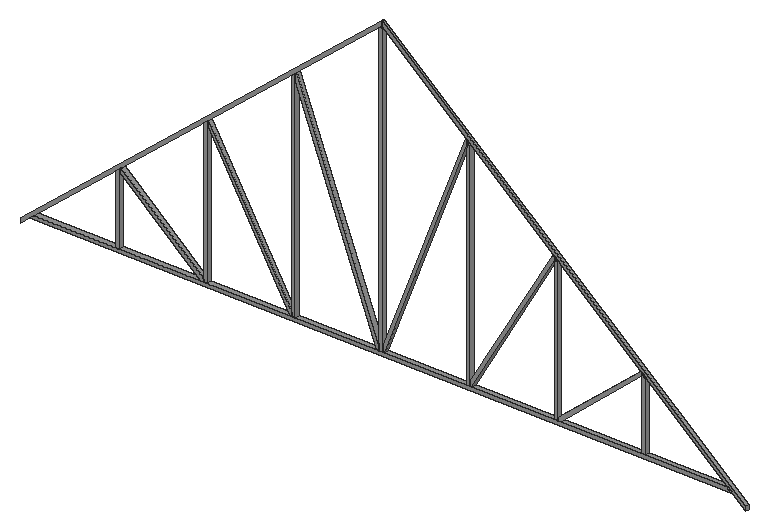
Revit family "TripleHoweTruss", category Structural Framing, Revit 2021
Family settings
  Section Shape = Not Defined
  Material for Model Behavior = Wood
  Always export as geometry = No
  OmniClass Number = 23.25.30.21.14
  OmniClass Title = Trussed Beams and Joists
  Work Plane-Based = No
  Always vertical = Yes
  Cut with Voids When Loaded = No
  Symbolic Representation = From Family
  Shared = No
  Show family pre-cut in plan views = Yes
Parameters
  WebWidth [instance] = 120 mm
  WebDepth [instance] = 100 mm
  T_Volume [instance] = 0.00 m³
  TopWidth [instance] = 80 mm
  Structural Material [instance] = Poche
  SpanRight [instance] = 10000 mm
  SpanLeft [instance] = 10000 mm
  Span [instance] = SpanLeft + SpanRight  # 20000 mm
  SlopeRight [instance] = 40.00°
  SlopeLeft [instance] = 40.00°
  OverhangRight [instance] = 300 mm
  OverhangLeft [instance] = 400 mm
  TopDepth [instance] = 100 mm
  BottomWidth [instance] = 150 mm
  BottomDepth [instance] = 100 mm
Reference planes
  plane 1 "Center (Front/Back)": y = 0
  plane 2: z = 0
  plane 3 "Center (Left/Right)": x = 0
  plane 4: x = -10000
  plane 5: x = 10000
  plane 6: x = 10400
  plane 7: x = -10300
  plane 8: z = 100
  plane 9: x = 50
  plane 10: x = -50
  plane 11: x = 2500
  plane 12: x = 7500
  plane 13: x = 5000
  plane 14: x = -2500
  plane 15: x = -7500
  plane 16: x = -5000
  plane 17: x = 2450
  plane 18: x = 2550
  plane 19: x = 4950
  plane 20: x = 5050
  plane 21: x = 7450
  plane 22: x = 7550
  plane 23: x = -2550
  plane 24: x = -2450
  plane 25: x = -5050
  plane 26: x = -4950
  plane 27: x = -7550
  plane 28: x = -7450
Forms (mm)
  Extrusion 1, solid, material "Cherry"
    sketch origin (0, 0, 0) x (1, 0, 0) y (0, 0, 1)
      loop
        line (-7550, 2055.794) -> (-7550, 100) -> (-7450, 100) -> (-7450, 2139.704) -> (-7550, 2055.794)
    from -60 to 60
  Extrusion 2, solid, material "Cherry"
    sketch origin (0, 0, 0) x (1, 0, 0) y (0, 0, 1)
      loop
        line (-4950, 4237.453) -> (-5050, 4153.543) -> (-5050, 100) -> (-4950, 100) -> (-4950, 4237.453)
    from -60 to 60
  Extrusion 3, solid, material "Cherry"
    sketch origin (0, 0, 0) x (1, 0, 0) y (0, 0, 1)
      loop
        line (-2450, 6335.202) -> (-2550, 6251.292) -> (-2550, 100) -> (-2450, 100) -> (-2450, 6335.202)
    from -60 to 60
  Extrusion 4, solid, material "Cherry"
    sketch origin (0, 0, 0) x (1, 0, 0) y (0, 0, 1)
      loop
        line (50, 100) -> (50, 8349.041) -> (0, 8390.996) -> (-50, 8349.041) -> (-50, 100) -> (50, 100)
    from -60 to 60
  Extrusion 5, solid, material "Cherry"
    sketch origin (0, 0, 0) x (1, 0, 0) y (0, 0, 1)
      loop
        line (2550, 6251.292) -> (2450, 6335.202) -> (2450, 100) -> (2550, 100) -> (2550, 6251.292)
    from -60 to 60
  Extrusion 6, solid, material "Cherry"
    sketch origin (0, 0, 0) x (1, 0, 0) y (0, 0, 1)
      loop
        line (5050, 4153.543) -> (4950, 4237.453) -> (4950, 100) -> (5050, 100) -> (5050, 4153.543)
    from -60 to 60
  Extrusion 7, solid, material "Cherry"
    sketch origin (0, 0, 0) x (1, 0, 0) y (0, 0, 1)
      loop
        line (7550, 2055.794) -> (7450, 2139.704) -> (7450, 100) -> (7550, 100) -> (7550, 2055.794)
    from -60 to 60
  Extrusion 8, solid, material "Cherry"
    sketch origin (0, 0, 0) x (1, 0, 0) y (0, 0, 1)
      loop
        line (5127.209, 100) -> (7450, 2074.086) -> (7450, 2139.704) -> (7411.149, 2172.304) -> (5050, 165.618) -> (5050, 100) -> (5127.209, 100)
    from -60 to 60
  Extrusion 9, solid, material "Cherry"
    sketch origin (0, 0, 0) x (1, 0, 0) y (0, 0, 1)
      loop
        line (-5050, 165.618) -> (-7411.149, 2172.304) -> (-7450, 2139.704) -> (-7450, 2074.086) -> (-5127.209, 100) -> (-5050, 100) -> (-5050, 165.618)
    from -60 to 60
  Extrusion 10, solid, material "Cherry"
    sketch origin (0, 0, 0) x (1, 0, 0) y (0, 0, 1)
      loop
        line (5127.209, 100) -> (7450, 2074.086) -> (7450, 2139.704) -> (7411.149, 2172.304) -> (5050, 165.618) -> (5050, 100) -> (5127.209, 100)
    from -60 to 60
  Extrusion 11, solid, material "Cherry"
    sketch origin (0, 0, 0) x (1, 0, 0) y (0, 0, 1)
      loop
        line (2607.803, 100) -> (4950, 4137.804) -> (4950, 4237.453) -> (4911.121, 4270.077) -> (2550, 199.649) -> (2550, 100) -> (2607.803, 100)
    from -60 to 60
  Extrusion 12, solid, material "Cherry"
    sketch origin (0, 0, 0) x (1, 0, 0) y (0, 0, 1)
      loop
        line (103.576, 100) -> (2450, 6196.012) -> (2450, 6335.202) -> (2409.503, 6369.183) -> (50, 239.191) -> (50, 100) -> (103.576, 100)
    from -60 to 60
  Extrusion 13, solid, material "Cherry"
    sketch origin (0, 0, 0) x (1, 0, 0) y (0, 0, 1)
      loop
        line (-50, 239.191) -> (-2409.503, 6369.183) -> (-2450, 6335.202) -> (-2450, 6196.012) -> (-103.576, 100) -> (-50, 100) -> (-50, 239.191)
    from -60 to 60
  Extrusion 14, solid, material "Cherry"
    sketch origin (0, 0, 0) x (1, 0, 0) y (0, 0, 1)
      loop
        line (-2550, 199.649) -> (-4911.121, 4270.077) -> (-4950, 4237.453) -> (-4950, 4137.804) -> (-2607.803, 100) -> (-2550, 100) -> (-2550, 199.649)
    from -60 to 60
  Extrusion 15, solid, material "Cherry"
    sketch origin (0, 0, 0) x (1, 0, 0) y (0, 0, 1)
      loop
        line (9880.825, 100) -> (-9880.825, 100) -> (-10000, 0) -> (10000, 0) -> (9880.825, 100)
    from -75 to 75
  Extrusion 16, solid, material "Cherry"
    sketch origin (0, 0, 0) x (1, 0, 0) y (0, 0, 1)
      loop
        line (-10300, -251.73) -> (0, 8390.996) -> (0, 8521.537) -> (-10300, -121.189) -> (-10300, -251.73)
    from -40 to 40
  Extrusion 17, solid, material "Cherry"
    sketch origin (0, 0, 0) x (1, 0, 0) y (0, 0, 1)
      loop
        line (10400, -335.64) -> (10400, -205.099) -> (0, 8521.537) -> (0, 8390.996) -> (10400, -335.64)
    from -40 to 40
Lines and regions (mm)
  reference lines
    curve 1: line (10000, 0, 0) -> (0, 0, 8390.996)
    curve 2: line (-10000, 0, 0) -> (0, 0, 8390.996)
    curve 3: line (10001.738, 0, 129.083) -> (-8.024, 0, 8528.27)
    curve 4: line (-9999.444, 0, 131.007) -> (-84.65, 0, 8450.507)
    curve 5: line (0, 40, 1939.254) -> (0, 40, -520.746)
    curve 6: line (0, -40, 1939.254) -> (0, -40, -520.746)
    curve 7: line (0, -60, 1939.254) -> (0, -60, -520.746)
    curve 8: line (0, -75, 1939.254) -> (0, -75, -520.746)
    curve 9: line (0, 60, 1939.254) -> (0, 60, -520.746)
    curve 10: line (0, 75, 1939.254) -> (0, 75, -520.746)
    curve 11: line (50, 0, 100) -> (2450, 0, 6335.202)
    curve 12: line (2550, 0, 100) -> (4950, 0, 4237.453)
    curve 13: line (5050, 0, 100) -> (7450, 0, 2139.704)
    curve 14: line (-50, 0, 100) -> (-2450, 0, 6335.202)
    curve 15: line (-2550, 0, 100) -> (-4950, 0, 4237.453)
    curve 16: line (-5050, 0, 100) -> (-7450, 0, 2139.704)
    curve 17: line (-5079.289, 0, 190.51) -> (-7379.289, 0, 2145.227)
    curve 18: line (-4952.282, 0, -48.667) -> (-7420.711, 0, 2049.194)
    curve 19: line (-2559.693, 0, 216.359) -> (-4859.693, 0, 4181.418)
    curve 20: line (-2553.553, 0, 6.476) -> (-4940.307, 0, 4121.094)
    curve 21: line (-54.683, 0, 251.358) -> (-2354.683, 0, 6226.76)
    curve 22: line (-63.942, 0, -2.971) -> (-2445.317, 0, 6183.844)
    curve 23: line (54.683, 0, 251.358) -> (2354.683, 0, 6226.76)
    curve 24: line (63.942, 0, -2.971) -> (2445.317, 0, 6183.844)
    curve 25: line (2559.693, 0, 216.359) -> (4859.693, 0, 4181.418)
    curve 26: line (2553.553, 0, 6.476) -> (4940.307, 0, 4121.094)
    curve 27: line (5077.463, 0, 188.958) -> (7377.463, 0, 2143.675)
    curve 28: line (4952.282, 0, -48.667) -> (7420.711, 0, 2049.194)
Dimensions and locks
  "SpanLeft": plane 3 "Center (Left/Right)" to plane 5
  "SpanRight": plane 3 "Center (Left/Right)" to plane 4
  "OverhangLeft": plane 5 to plane 6
  "OverhangRight": plane 7 to plane 4
  "BottomDepth": level to plane 8
  equal spacing: plane 10, plane 3 "Center (Left/Right)", plane 9
  "TopDepth": curve 1 to curve 3
  "TopDepth": curve 4 to curve 2
  equal spacing: curve 5, curve 4, curve 6
  "TopWidth": curve 5 to curve 6
  equal spacing: curve 9, curve 4, curve 7
  "WebWidth": curve 9 to curve 7
  equal spacing: curve 10, curve 4, curve 8
  "BottomWidth": curve 10 to curve 8
  plane 5 to plane 3 "Center (Left/Right)" = 10000 mm
  plane 4 to plane 3 "Center (Left/Right)" = 10000 mm
  equal spacing: plane 5, plane 12, plane 13, plane 11, plane 3 "Center (Left/Right)"
  equal spacing: plane 3 "Center (Left/Right)", plane 14, plane 16, plane 15, plane 4
  equal spacing: plane 28, plane 15, plane 27
  equal spacing: plane 26, plane 16, plane 25
  equal spacing: plane 24, plane 14, plane 23
  equal spacing: plane 9, plane 3 "Center (Left/Right)", plane 10
  equal spacing: plane 18, plane 11, plane 17
  equal spacing: plane 20, plane 13, plane 19
  equal spacing: plane 22, plane 12, plane 21
  "WebDepth": plane 28 to plane 27
  "WebDepth": plane 26 to plane 25
  "WebDepth": plane 24 to plane 23
  "WebDepth": plane 9 to plane 10
  "WebDepth": plane 18 to plane 17
  "WebDepth": plane 20 to plane 19
  "WebDepth": plane 22 to plane 21
  equal spacing: curve 17, curve 16, curve 18
  equal spacing: curve 19, curve 15, curve 20
  equal spacing: curve 21, curve 14, curve 22
  equal spacing: curve 24, curve 11, curve 23
  equal spacing: curve 26, curve 12, curve 25
  equal spacing: curve 28, curve 13, curve 27
  "WebDepth": curve 17 to curve 18
  "WebDepth": curve 19 to curve 20
  "WebDepth": curve 21 to curve 22
  "WebDepth": curve 24 to curve 23
  "WebDepth": curve 26 to curve 25
  "WebDepth": curve 28 to curve 27
  "SlopeLeft": angle level to curve 1
  "SlopeRight": angle curve 2 to level
  aligned and locked: plane 2 to level
  aligned and locked: plane 3 "Center (Left/Right)" to curve 1
  aligned and locked: plane 5 to curve 1
  aligned and locked: curve 1 to level
  aligned and locked: level to curve 2
  aligned and locked: curve 2 to Extrusion 1 sketch curve
  aligned and locked: plane 28 to Extrusion 1 sketch curve
  aligned and locked: Extrusion 1 sketch curve to plane 27
  aligned and locked: Extrusion 1 sketch curve to plane 8
  aligned and locked: plane 26 to Extrusion 2 sketch curve
  aligned and locked: Extrusion 2 sketch curve to plane 25
  aligned and locked: curve 2 to Extrusion 2 sketch curve
  aligned and locked: Extrusion 2 sketch curve to plane 8
  aligned and locked: Extrusion 3 sketch curve to plane 24
  aligned and locked: Extrusion 3 sketch curve to plane 23
  aligned and locked: curve 2 to Extrusion 3 sketch curve
  aligned and locked: Extrusion 3 sketch curve to plane 8
  aligned and locked: Extrusion 4 sketch curve to plane 9
  aligned and locked: plane 10 to Extrusion 4 sketch curve
  aligned and locked: curve 1 to Extrusion 4 sketch curve
  aligned and locked: curve 2 to Extrusion 4 sketch curve
  aligned and locked: Extrusion 4 sketch curve to plane 8
  aligned and locked: Extrusion 5 sketch curve to plane 18
  aligned and locked: Extrusion 5 sketch curve to plane 17
  aligned and locked: curve 1 to Extrusion 5 sketch curve
  aligned and locked: Extrusion 5 sketch curve to plane 8
  aligned and locked: plane 20 to Extrusion 6 sketch curve
  aligned and locked: Extrusion 6 sketch curve to plane 19
  aligned and locked: curve 1 to Extrusion 6 sketch curve
  aligned and locked: plane 22 to Extrusion 7 sketch curve
  aligned and locked: Extrusion 7 sketch curve to plane 21
  aligned and locked: plane 8 to Extrusion 7 sketch curve
  aligned and locked: curve 1 to Extrusion 7 sketch curve
  aligned and locked: curve 28 to Extrusion 8 sketch curve
  aligned and locked: Extrusion 8 sketch curve to curve 27
  aligned and locked: Extrusion 8 sketch curve to Extrusion 7
  aligned and locked: curve 1 to Extrusion 8 sketch curve
  aligned and locked: Extrusion 8 sketch curve to Extrusion 6
  aligned and locked: Extrusion 8 sketch curve to plane 8
  aligned and locked: Extrusion 9 sketch curve to curve 17
  aligned and locked: curve 18 to Extrusion 9 sketch curve
  aligned and locked: curve 2 to Extrusion 9 sketch curve
  aligned and locked: Extrusion 1 to Extrusion 9 sketch curve
  aligned and locked: Extrusion 2 to Extrusion 9 sketch curve
  aligned and locked: Extrusion 9 sketch curve to plane 8
  aligned and locked: Extrusion 10 sketch curve to Extrusion 8  (x2)
  aligned and locked: curve 1 to Extrusion 10 sketch curve
  aligned and locked: Extrusion 10 sketch curve to plane 8
  aligned and locked: Extrusion 10 sketch curve to Extrusion 6
  aligned and locked: Extrusion 10 sketch curve to Extrusion 7
  aligned and locked: curve 26 to Extrusion 11 sketch curve
  aligned and locked: Extrusion 11 sketch curve to Extrusion 6
  aligned and locked: Extrusion 11 sketch curve to curve 25
  aligned and locked: Extrusion 11 sketch curve to plane 8
  aligned and locked: Extrusion 11 sketch curve to Extrusion 5
  aligned and locked: curve 1 to Extrusion 11 sketch curve
  aligned and locked: curve 24 to Extrusion 12 sketch curve
  aligned and locked: Extrusion 12 sketch curve to curve 23
  aligned and locked: Extrusion 12 sketch curve to Extrusion 5
  aligned and locked: curve 1 to Extrusion 12 sketch curve
  aligned and locked: Extrusion 12 sketch curve to Extrusion 4
  aligned and locked: Extrusion 12 sketch curve to plane 8
  aligned and locked: Extrusion 13 sketch curve to curve 21
  aligned and locked: curve 22 to Extrusion 13 sketch curve
  aligned and locked: curve 2 to Extrusion 13 sketch curve
  aligned and locked: Extrusion 4 to Extrusion 13 sketch curve
  aligned and locked: Extrusion 13 sketch curve to plane 8
  aligned and locked: Extrusion 3 to Extrusion 13 sketch curve
  aligned and locked: Extrusion 14 sketch curve to curve 19
  aligned and locked: curve 20 to Extrusion 14 sketch curve
  aligned and locked: curve 2 to Extrusion 14 sketch curve
  aligned and locked: Extrusion 2 to Extrusion 14 sketch curve
  aligned and locked: Extrusion 14 sketch curve to plane 8
  aligned and locked: Extrusion 3 to Extrusion 14 sketch curve
  aligned and locked: Extrusion 3 to curve 9
  aligned and locked: Extrusion 3 to curve 7
  aligned and locked: Extrusion 2 to curve 9
  aligned and locked: Extrusion 2 to curve 7
  aligned and locked: Extrusion 1 to curve 9
  aligned and locked: Extrusion 1 to curve 7
  aligned and locked: Extrusion 9 to curve 9
  aligned and locked: Extrusion 9 to curve 7
  aligned and locked: Extrusion 14 to curve 9
  aligned and locked: Extrusion 14 to curve 7
  aligned and locked: Extrusion 10 to curve 9
  aligned and locked: Extrusion 10 to curve 7
  aligned and locked: Extrusion 13 to curve 9
  aligned and locked: Extrusion 13 to curve 7
  aligned and locked: Extrusion 8 to curve 9
  aligned and locked: Extrusion 8 to curve 7
  aligned and locked: Extrusion 4 to curve 9
  aligned and locked: Extrusion 4 to curve 7
  aligned and locked: Extrusion 12 to curve 9
  aligned and locked: Extrusion 12 to curve 7
  aligned and locked: Extrusion 5 to curve 9
  aligned and locked: Extrusion 5 to curve 7
  aligned and locked: Extrusion 11 to curve 9
  aligned and locked: Extrusion 11 to curve 7
  aligned and locked: Extrusion 7 to curve 9
  aligned and locked: Extrusion 7 to curve 7
  aligned and locked: Extrusion 6 to curve 9
  aligned and locked: Extrusion 6 to curve 7
  aligned and locked: Extrusion 15 sketch curve to plane 8
  aligned and locked: Extrusion 15 sketch curve to level
  aligned and locked: Extrusion 15 sketch curve to curve 2
  aligned and locked: Extrusion 15 sketch curve to curve 1
  aligned and locked: curve 10 to Extrusion 15
  aligned and locked: Extrusion 15 to curve 8
  aligned and locked: Extrusion 16 sketch curve to curve 2
  aligned and locked: Extrusion 16 sketch curve to curve 4
  aligned and locked: Extrusion 16 sketch curve to plane 7
  aligned and locked: Extrusion 16 sketch curve to curve 10
  aligned and locked: Extrusion 17 sketch curve to curve 1
  aligned and locked: Extrusion 17 sketch curve to curve 3
  aligned and locked: plane 6 to Extrusion 17 sketch curve
  aligned and locked: Extrusion 17 sketch curve to curve 10
  aligned and locked: Extrusion 16 to curve 5
  aligned and locked: Extrusion 16 to curve 6
  aligned and locked: Extrusion 17 to Extrusion 16  (x2)
Automatic sketch dimensions
  Extrusion 6 sketch curve to plane 8 = 0 mm
  curve 16 to plane 28 = 0 mm
  curve 16 to plane 8 = 0 mm
  curve 16 to plane 25 = 0 mm
  curve 15 to plane 26 = 0 mm
  curve 15 to plane 8 = 0 mm
  curve 15 to plane 23 = 0 mm
  curve 14 to plane 24 = 0 mm
  curve 14 to plane 8 = 0 mm
  curve 14 to plane 10 = 0 mm
  curve 11 to plane 8 = 0 mm
  plane 9 to curve 11 = 0 mm
  curve 11 to plane 17 = 0 mm
  curve 12 to plane 8 = 0 mm
  plane 18 to curve 12 = 0 mm
  curve 12 to plane 19 = 0 mm
  curve 13 to plane 8 = 0 mm
  plane 20 to curve 13 = 0 mm
  curve 13 to plane 21 = 0 mm
  curve 4 to plane 4 = 0.556 mm
  curve 18 to plane 28 = 29.289 mm
  curve 17 to plane 28 = 70.711 mm
  curve 17 to plane 25 = 29.289 mm
  plane 26 to curve 18 = 2.282 mm
  curve 20 to plane 26 = 9.693 mm
  curve 19 to plane 26 = 90.307 mm
  curve 19 to plane 23 = 9.693 mm
  curve 20 to plane 23 = 3.553 mm
  curve 22 to plane 24 = 4.683 mm
  curve 21 to plane 24 = 95.317 mm
  curve 22 to level = 2.971 mm
  curve 4 to plane 10 = 34.65 mm
  curve 21 to plane 10 = 4.683 mm
  curve 3 to plane 3 "Center (Left/Right)" = 8.024 mm
  curve 23 to plane 9 = 4.683 mm
  curve 24 to level = 2.971 mm
  curve 23 to plane 17 = 95.317 mm
  curve 24 to plane 17 = 4.683 mm
  curve 26 to plane 18 = 3.553 mm
  curve 25 to plane 18 = 9.693 mm
  curve 25 to plane 19 = 90.307 mm
  curve 26 to plane 19 = 9.693 mm
  plane 19 to curve 28 = 2.282 mm
  curve 27 to plane 20 = 27.463 mm
  curve 27 to plane 21 = 72.537 mm
  curve 28 to plane 21 = 29.289 mm
  curve 3 to plane 5 = 1.738 mm
  curve 10 to level = 520.746 mm
  curve 5 to curve 10 = 0 mm
  curve 8 to curve 5 = 0 mm
  curve 8 to curve 6 = 0 mm  (x2)
  curve 8 to curve 7 = 0 mm  (x2)
  curve 9 to curve 10 = 0 mm  (x2)
  plane 8 to curve 6 = 1839.254 mm
  curve 6 to curve 9 = 0 mm
  curve 5 to curve 9 = 0 mm
